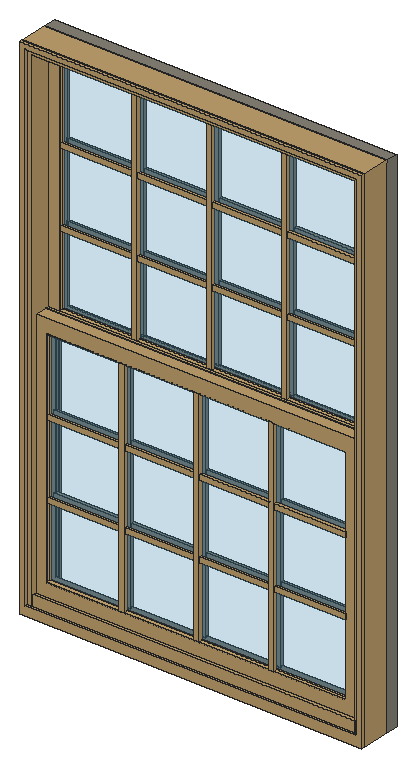
Revit family
Parameters (values of type "CUDHM")
  Window Type = "Clad Ultimate Double Hung Magnum"
  Vent Area = VO Width * VO Height  # 7.57118 SF
  VO Width = Rough Width - 0' 4 1/2"  # 3' - 8 1/2"
  VO Height = if(and(Rough Height > 4' 0 7/8", Rough Height < 5' 4 15/16"), 1' 4 1/2", if(and(Rough Height > 5' 4 7/8", Rough Height < 7' 0 15/16"), 2' 0 1/2", if(and(Rough Height > 7' 0 7/8", Rough Height < 8' 10 15/16"), 2' 10 1/2", if(and(Rough Height > 8' 10 7/8", Rough Height < 10' 8 15/16"), 3' 9 1/2", 0' 0"))))  # 2' - 0 1/2"
  URL = "www.marvin.com"
  Rough Width = Width + 0' 1"  # 4' - 1"
  Rough Height = Height + 0' 0 1/2"  # 6' - 0 1/2"
  Prairie Corner Width = 0' - 4"
  Prairie Corner Height = 0' - 4"
  Nominal Width = 4' - 0"
  Nominal Height = 6' - 0"
  Muntins Interior Top Sash = yes
  Muntins Interior Material = Wood-Marvin-Pine
  Muntins Interior Bottom Sash = yes
  Muntins Exterior Top Sash = yes
  Muntins Exterior Material = Aluminum-Marvin-Bronze
  Muntins Exterior Bottom Sash = yes
  Model = "CUDHM"
  Manufacturer = "Marvin Windows and Doors"
  Lites Wide Top Sash = 4
  Lites Wide Bottom Sash = 4
  Lites High Top Sash = 3
  Lites High Bottom Sash = 3
  Lite Cut Prairie 9 = no
  Lite Cut HV Grid = not(Lite Cut Prairie 9)  # yes
  Label Visibility = no
  Label Egress = if(and(and(VO Width > 1' 8", VO Height > 2' 0"), Vent Area > 5.70 SF), "EGRESS WDW", "")  # "EGRESS WDW"
  Jamb Extension Visibility = yes
  Interior Material = Wood-Marvin-Pine
  Inset to Installation Flange [instance] = 0' - 1"
  Height = Nominal Height  # 6' - 0"
  Glazing Material = Glass-Marvin-IG Low E II with Argon
  Glass Type = "IG Low E II with Argon"
  Frame = "Aluminum Clad"
  Family created by = "www.rbuiltcomponents.com"
  Egress Window = if(and(and(VO Width > 1' 8", VO Height > 2' 0"), Vent Area > 5.70 SF), "Yes", "No")  # "Yes"
  Design Pressure = if(or(Width > 5' 0 3/8", Height > 10' 0 3/8"), "", if(or(Width > 4' 6 3/8", Height > 8' 8 7/8"), "DP35", "DP50"))  # "DP50"
  Description = "DBHG MGNM"
  Default Head Height = 8' - 0"
  Wall Closure = (empty or 0)
  Width = Nominal Width  # 4' - 0"
  Daylight Area = DLO Width * DLO Height * 2  # 17.7507 SF
  DLO Width = Width - 0' 6 7/16"  # 3' - 5 9/16"
  DLO Height = (Height - 0' 10 1/2") / 2  # 2' - 6 3/4"
  Cladding Material = Aluminum-Marvin-Bronze
  Assembly Code = ""
Reference planes (in)
  plane 1 "Center (Front/Back)": y = 0
  plane 2: z = 0
  plane 3 "Center (Left/Right)": x = 0
  plane 4 "Left": x = -24
  plane 5 "Right": x = 24
  plane 6 "Sill": z = 24
  plane 7 "Top": z = 96
  plane 8 "Inset": y = 2
  plane 9 "Glazing 1": y = 1.4375
  plane 10 "Glazing 2": y = -0.8125
  plane 11 "Jamb Ext Face": y = -2.5625
  plane 12: z = 92.78125
  plane 13: x = 20.78125
  plane 14: x = -20.78125
  plane 15: z = 28.84375
  plane 16: z = 60.8125
  plane 17: z = 62.01563
  plane 18: z = 59.60938
  plane 19: y = -2.59375
Forms (in)
  Sweep 1, solid, material "Aluminum-Marvin-Bronze" <- "Cladding Material"
    path origin (0, -0.8125, 0) x (1, 0, 0) y (0, 0, 1)
      loop
        line (23.28971, 24) -> (-23.28971, 24)
    profile "Clad Sill : Clad Sill" origin (0, -0.8125, 24) x (0, 0, -1) y (0, -1, 0)
      loop
        line (0, -3.90625) -> (0, 0) -> (-1.30073, 0) -> (-0.74956, -3.90625) -> (0, -3.90625)
  Sweep 2, solid, material "Aluminum-Marvin-Bronze" <- "Cladding Material"
    path origin (0, 1.4375, 0) x (1, 0, 0) y (0, 0, 1)
      loop
        line (-24, 24) -> (-24, 96) -> (24, 96) -> (24, 24)
    profile "Clad Frame : Clad Frame" origin (-24, 1.4375, 60) x (-1, 0, 0) y (0, -1, 0)
      loop
        line (0, 0) -> (-1.375, 0) -> (-1.375, -0.46355) -> (-1.64308, -0.46355) -> (-1.64308, -0.75195) -> (-0.78115, -0.75195) -> (-0.78115, -1.14817) -> (-0.71029, -1.65625) -> (0, -1.65625) -> (0, 0)
  Sweep 3, solid, material "Wood-Marvin-Pine" <- "Interior Material"
    path origin (0, -0.8125, 0) x (1, 0, 0) y (0, 0, 1)
      loop
        line (22.625, 24) -> (-22.625, 24)
    profile "Sill interior magnum : Sill interior magnum" origin (0, -0.8125, 24) x (0, 0, -1) y (0, -1, 0)
      loop
        line (-1.30073, 0) -> (0, 0) -> (0, 1.75) -> (-2.82422, 1.75) -> (-2.82422, 1.2962) -> (-1.48362, 1.2962) -> (-1.30073, 0)
  Sweep 4, solid, material "Aluminum-Marvin-Bronze" <- "Cladding Material"
    path origin (0, 1.4375, 0) x (1, 0, 0) y (0, 0, 1)
      loop
        line (-20.78125, 92.78125) -> (-20.78125, 62.01563) -> (20.78125, 62.01563) -> (20.78125, 92.78125) -> (-20.78125, 92.78125)
    profile "Clad Sash : Clad Sash" origin (-20.78125, 1.4375, 77.39844) x (1, 0, 0) y (0, -1, 0)
      loop
        line (-1.79056, -0.349) -> (-0.23087, -0.349) -> (-0.23087, -0.23462) -> (0, -0.0417) -> (0, 0) -> (-1.79056, 0) -> (-1.79056, -0.349)
  Sweep 5, solid, material "Wood-Marvin-Pine" <- "Interior Material"
    path origin (0, 1.4375, 0) x (1, 0, 0) y (0, 0, 1)
      loop
        line (-20.78125, 62.01563) -> (20.78125, 62.01563) -> (20.78125, 92.78125) -> (-20.78125, 92.78125) -> (-20.78125, 62.01563)
    profile "Sash 2 : Sash 2" origin (-20.78125, 1.4375, 77.39844) x (-1, 0, 0) y (0, -1, 0)
      loop
        line (1.79056, 0) -> (1.79056, 1.20795) -> (0.219, 1.20795) -> (0.219, 1.14102) -> (0, 0.92202) -> (0, 0.74381) -> (0.688, 0.74381) -> (0.688, 0) -> (1.79056, 0)
  Sweep 6, solid, material "Wood-Marvin-Pine" <- "Interior Material"
    path origin (0, -0.8125, 0) x (1, 0, 0) y (0, 0, 1)
      loop
        line (-20.78125, 28.84375) -> (20.78125, 28.84375) -> (20.78125, 59.60938) -> (-20.78125, 59.60938) -> (-20.78125, 28.84375)
    profile "Sash 2 : Sash 2" origin (-20.78125, -0.8125, 44.22656) x (-1, 0, 0) y (0, -1, 0)
      loop
        line (1.79056, 0) -> (1.79056, 1.20795) -> (0.219, 1.20795) -> (0.219, 1.14102) -> (0, 0.92202) -> (0, 0.74381) -> (0.688, 0.74381) -> (0.688, 0) -> (1.79056, 0)
  Sweep 7, solid, material "Aluminum-Marvin-Bronze" <- "Cladding Material"
    path origin (0, -0.8125, 0) x (1, 0, 0) y (0, 0, 1)
      loop
        line (-20.78125, 28.84375) -> (20.78125, 28.84375) -> (20.78125, 59.60938) -> (-20.78125, 59.60938) -> (-20.78125, 28.84375)
    profile "Clad Sash : Clad Sash" origin (-20.78125, -0.8125, 44.22656) x (-1, 0, 0) y (0, -1, 0)
      loop
        line (1.79056, -0.349) -> (1.79056, 0) -> (0, 0) -> (0, -0.0417) -> (0.23087, -0.23462) -> (0.23087, -0.349) -> (1.79056, -0.349)
  Sweep 8, solid, material "Aluminum-Marvin-Bronze" <- "Cladding Material"
    path in 3D
      loop
        line (22.57181, -0.4635, 27.05319) -> (-22.57181, -0.4635, 27.05319)
    profile "Clad Sash bottom ext : Clad Sash bottom ext" origin (0, -0.4635, 27.05319) x (0, 1, 0) y (0, 0, -1)
      loop
        line (-0.349, 0) -> (0, 0) -> (0, 1.72904) -> (-0.349, 1.67631) -> (-0.349, 0)
  Sweep 9, solid, material "Wood-Marvin-Pine" <- "Interior Material"
    path in 3D
      loop
        line (22.57181, -0.8125, 27.05319) -> (-22.57181, -0.8125, 27.05319)
    profile "Sash bottom ext : Sash bottom ext" origin (0, -0.8125, 27.05319) x (0, 1, 0) y (0, 0, -1)
      loop
        line (0, 0) -> (0, 1.67578) -> (-1.20795, 1.49326) -> (-1.20795, 0) -> (0, 0)
  Sweep 10, solid, material "Aluminum-Marvin-Bronze" <- "Cladding Material"
    path in 3D
      loop
        line (-22.57181, 1.7865, 60.22507) -> (22.57181, 1.7865, 60.22507)
    profile "Clad Checkrail : Clad Checkrail" origin (0, 1.7865, 60.22507) x (0, -1, 0) y (0, 0, -1)
      loop
        line (1.55695, 0) -> (1.55695, -1.17487) -> (2.25, -1.17487) -> (2.25, -0.58743) -> (1.92798, -0.58743) -> (1.92798, 0.38482) -> (0, 0.38482) -> (0, 0) -> (1.55695, 0)
  Sweep 11, solid, material "Wood-Marvin-Pine" <- "Interior Material"
    path in 3D
      loop
        line (-22.57181, -2.02045, 61.39993) -> (22.57181, -2.02045, 61.39993)
    profile "Checkrail Inner : Checkrail Inner" origin (0, -2.02045, 61.39993) x (0, 1, 0) y (0, 0, 1)
      loop
        line (0, 0.39669) -> (0, 0) -> (2.25, 0) -> (2.25, 0.39669) -> (1.79626, 0.39669) -> (1.79626, 0.02169) -> (1.73366, 0.02169) -> (1.73366, 0.39669) -> (0, 0.39669)
  Extrusion 12, solid, material "Wood-Marvin-Pine" <- "Interior Material"
    sketch origin (0, 1.4375, 0) x (1, 0, 0) y (0, 0, 1)
      loop
        line (24, 24) -> (24, 96) -> (-24, 96) -> (-24, 24) -> (-22.625, 24) -> (-22.625, 94.625) -> (22.625, 94.625) -> (22.625, 24) -> (24, 24)
    from 0 to 4
  Extrusion 13, solid, material "Glass-Marvin-IG Low E II with Argon" <- "Glazing Material"
    sketch origin (0, 1.4375, 0) x (1, 0, 0) y (0, 0, 1)
      loop
        line (21.28125, 93.28125) -> (-21.28125, 93.28125) -> (-21.28125, 61.51563) -> (21.28125, 61.51563) -> (21.28125, 93.28125)
    from 0 to 0.15625
  Extrusion 14, solid, material "Glass-Marvin-IG Low E II with Argon" <- "Glazing Material"
    sketch origin (0, 1.4375, 0) x (1, 0, 0) y (0, 0, 1)
      loop
        line (21.28125, 93.28125) -> (-21.28125, 93.28125) -> (-21.28125, 61.51563) -> (21.28125, 61.51563) -> (21.28125, 93.28125)
    from 0.59375 to 0.71875
  Extrusion 15, solid, material "Glass-Marvin-IG Low E II with Argon" <- "Glazing Material"
    sketch origin (0, -0.8125, 0) x (1, 0, 0) y (0, 0, 1)
      loop
        line (21.28125, 60.10938) -> (-21.28125, 60.10938) -> (-21.28125, 28.34375) -> (21.28125, 28.34375) -> (21.28125, 60.10938)
    from 0 to 0.15625
  Extrusion 16, solid, material "Glass-Marvin-IG Low E II with Argon" <- "Glazing Material"
    sketch origin (0, -0.8125, 0) x (1, 0, 0) y (0, 0, 1)
      loop
        line (21.28125, 60.10938) -> (-21.28125, 60.10938) -> (-21.28125, 28.34375) -> (21.28125, 28.34375) -> (21.28125, 60.10938)
    from 0.59375 to 0.71875
  Extrusion 17, solid, material "Wood-Marvin-Pine" <- "Interior Material", visible <- "Jamb Extension Visibility", detail levels medium+fine
    sketch origin (0, -2.3125, 0) x (1, 0, 0) y (0, 0, 1)
      loop
        line (-24, 96) -> (-24, 24) -> (24, 24) -> (24, 96) -> (-24, 96)
      loop
        line (-23.3125, 95.3125) -> (-23.3125, 25.3125) -> (23.3125, 25.3125) -> (23.3125, 95.3125) -> (-23.3125, 95.3125)
    from 0.28125 to 0.6875
  Extrusion 18, solid, material "Aluminum-Marvin-Bronze" <- "Cladding Material"
    sketch origin (0, 1.4375, 0) x (1, 0, 0) y (0, 0, 1)
      loop
        line (22.625, 60.22507) -> (22.57181, 60.22507) -> (22.57181, 24.74956) -> (22.625, 24.74956) -> (22.625, 60.22507)
      loop
        line (-22.625, 60.22507) -> (-22.625, 24.74956) -> (-22.57181, 24.74956) -> (-22.57181, 60.22507) -> (-22.625, 60.22507)
    from 0 to 2.25
Cuts and joins
  joined: Sweep 7, Sweep 8
  joined: Sweep 5, Sweep 6, Sweep 9, Sweep 11
  joined: Sweep 4, Sweep 10
  joined: Sweep 1, Sweep 2, Extrusion 18
Lines and regions (in)
  Opening 1
    outline origin (-60, -3, 0) x (1, 0, 0) y (0, 0, 1)
      loop
        line (36, 96) -> (36, 24) -> (84, 24) -> (84, 96) -> (36, 96)
  Masking region 1
    outline origin (0, 0, 24) x (0, -1, 0) y (1, 0, 0)
      loop
        line (-3.09375, -24) -> (2.5625, -24) -> (2.5625, 24) -> (-3.09375, 24) -> (-3.09375, -24)
  Masking region 2
    outline origin (0, 0, 0) x (0, 1, 0) y (0, 0, 1)
      loop
        line (3.09375, 96) -> (-2.5625, 96) -> (-2.5625, 24) -> (3.09375, 24) -> (3.09375, 96)
  Masking region 3, visible <- "Jamb Extension Visibility"
    outline origin (0, 0, 0) x (0, 1, 0) y (0, 0, 1)
      loop
        line (-2.59375, 96) -> (-3, 96) -> (-3, 24) -> (-2.59375, 24) -> (-2.59375, 96)
  Masking region 4, visible <- "Jamb Extension Visibility"
    outline origin (0, 0, 24) x (0, -1, 0) y (1, 0, 0)
      loop
        line (2.59375, -24) -> (3, -24) -> (3, 24) -> (2.59375, 24) -> (2.59375, -24)
  sketch lines
    curve 1: line (22.57181, -0.4635, 27.05319) -> (-22.57181, -0.4635, 27.05319)
    curve 2: line (22.57181, -0.8125, 27.05319) -> (-22.57181, -0.8125, 27.05319)
    curve 3: line (-22.57181, 1.7865, 60.22507) -> (22.57181, 1.7865, 60.22507)
    curve 4: line (-22.57181, -2.02045, 61.39993) -> (22.57181, -2.02045, 61.39993)
  symbolic lines, style "Jamb Extension", visible <- "Jamb Extension Visibility", detail levels fine
    curve 5: line (-23.3125, -2.59375, 24) -> (-23.3125, -3, 24)
    curve 6: line (23.3125, -3, 24) -> (23.3125, -2.59375, 24)
    curve 7: line (0, -2.59375, 95.3125) -> (0, -3, 95.3125)
    curve 8: line (0, -2.59375, 25.316) -> (0, -3, 25.316)
    curve 56: line (-23.3125, -3, 0) -> (-24, -3, 0)
    curve 57: line (23.3125, -3, 0) -> (24, -3, 0)
    curve 62: line (0, -3, 25.316) -> (0, -3, 24)
    curve 63: line (0, -3, 95.3125) -> (0, -3, 96)
  symbolic lines, style "Jamb Extension", detail levels fine
    curve 9: line (0, -2.59375, 95.34385) -> (0, -2.59375, 96)
  symbolic lines, style "WindowsFrameMullionProjection", detail levels coarse+medium
    curve 10: line (-24, 3.09375, 24) -> (-22.625, 3.09375, 24)
    curve 11: line (-22.625, 3.09375, 24) -> (-22.625, -2.5625, 24)
    curve 12: line (-22.625, -2.5625, 24) -> (-24, -2.5625, 24)
    curve 13: line (24, 3.09375, 24) -> (22.625, 3.09375, 24)
    curve 14: line (22.625, 3.09375, 24) -> (22.625, -2.5625, 24)
    curve 15: line (22.625, -2.5625, 24) -> (24, -2.5625, 24)
    curve 16: line (-20.78125, -0.4635, 24) -> (20.78625, -0.4635, 24)
    curve 17: line (20.78625, -0.4635, 24) -> (22.625, -0.4635, 24)
    curve 18: line (-20.78125, -2.02045, 24) -> (20.78625, -2.02045, 24)
    curve 19: line (20.78625, -0.4635, 24) -> (20.78625, -2.02045, 24)
    curve 20: line (20.78625, -2.02045, 24) -> (22.625, -2.02045, 24)
    curve 21: line (-20.78125, -0.4635, 24) -> (-22.625, -0.4635, 24)
    curve 22: line (-20.78125, -0.4635, 24) -> (-20.78125, -2.02045, 24)
    curve 23: line (-20.78125, -2.02045, 24) -> (-22.625, -2.02045, 24)
    curve 25: line (0, 3.09375, 96) -> (0, 3.09375, 94.625)
    curve 26: line (0, 3.09375, 94.625) -> (0, -2.5625, 94.625)
    curve 27: line (0, -2.5625, 94.625) -> (0, -2.5625, 96)
    curve 28: line (0, 3.09375, 24) -> (0, 3.09375, 24.74956)
    curve 29: line (0, 3.09375, 24.74956) -> (0, -2.1203, 25.48526)
    curve 30: line (0, -2.5625, 25.48526) -> (0, -2.5625, 24)
    curve 31: line (0, -2.1203, 25.48526) -> (0, -2.5625, 25.48526)
    curve 32: line (0, -0.4635, 28.84375) -> (0, -0.4635, 59.60938)
    curve 33: line (0, -2.02045, 28.84375) -> (0, -2.02045, 59.60938)
    curve 34: line (0, -0.4635, 25.25148) -> (0, -0.4635, 28.84375)
    curve 35: line (0, -0.4635, 28.84375) -> (0, -2.02045, 28.84375)
    curve 36: line (0, -2.02045, 28.84375) -> (0, -2.02045, 25.47117)
    curve 37: line (0, -0.4635, 59.60938) -> (0, -0.4635, 59.84025)
    curve 38: line (0, -0.22418, 61.79663) -> (0, -2.02045, 61.79663)
    curve 39: line (0, -2.02045, 61.79663) -> (0, -2.02045, 59.60938)
    curve 40: line (0, -0.4635, 59.60938) -> (0, -2.02045, 59.60938)
    curve 42: line (0, 1.7865, 62.01563) -> (0, 1.7865, 92.78125)
    curve 43: line (0, 0.22955, 92.78125) -> (0, 0.22955, 62.01563)
    curve 44: line (0, 1.7865, 94.625) -> (0, 1.7865, 92.78125)
    curve 45: line (0, 0.22955, 92.78125) -> (0, 0.22955, 94.625)
    curve 46: line (0, 0.22955, 92.78125) -> (0, 1.7865, 92.78125)
    curve 47: line (0, 1.7865, 62.01563) -> (0, 0.22955, 62.01563)
    curve 48: line (0, 0.22955, 62.01563) -> (0, 0.22955, 61.79663)
    curve 49: line (0, -0.14148, 59.84025) -> (0, 1.7865, 59.84025)
    curve 50: line (0, 1.7865, 59.84025) -> (0, 1.7865, 62.01563)
    curve 52: line (0, -0.14148, 59.84025) -> (0, -0.14148, 61.79663)
    curve 53: line (0, -0.14148, 61.79663) -> (0, 0.22955, 61.79663)
    curve 54: line (0, -0.22418, 59.84025) -> (0, -0.22418, 61.79663)
    curve 55: line (0, -0.22418, 59.84025) -> (0, -0.4635, 59.84025)
    curve 58: line (-24, -3, 0) -> (-23.3125, -3, 0)
    curve 59: line (-23.3125, -3, 0) -> (-23.3125, -2.59375, 0)
  symbolic lines, style "WindowsGlassProjection", detail levels coarse+medium
    curve 24: line (-20.78125, -1.24197, 0) -> (20.78625, -1.24197, 0)
    curve 41: line (0, -1.24197, 59.60938) -> (0, -1.24197, 28.84375)
    curve 51: line (0, 1.00803, 62.01563) -> (0, 1.00803, 92.78125)
  symbolic lines, style "WindowsFrameMullionProjection", visible <- "Jamb Extension Visibility", detail levels coarse+medium
    curve 60: line (24, -3, 0) -> (23.3125, -3, 0)
    curve 61: line (23.3125, -3, 0) -> (23.3125, -2.59375, 0)
    curve 64: line (0, -2.59375, 25.3125) -> (0, -3, 25.3125)
    curve 65: line (0, -3, 25.3125) -> (0, -3, 24)
    curve 66: line (0, -2.59375, 95.3125) -> (0, -3, 95.3125)
    curve 67: line (0, -3, 95.3125) -> (0, -3, 96)
Text (in)
  text "EXTERIOR" at (-58.6888, 50.90694, 0), in view "Ref. Level"
  text "INTERIOR" at (-58.6888, -37.76638, 0), in view "Ref. Level"
  text "Exterior" at (0, 43.65631, 123.19604), in view "Left"
  text "Exterior" at (0, 18.29385, 125.04747), in view "Right"
Dimensions and locks (in)
  equal spacing: plane 4 "Left", plane 3 "Center (Left/Right)", plane 5 "Right"
  "Width": plane 4 "Left" to plane 5 "Right"
  "Height": plane 6 "Sill" to plane 7 "Top"
  "Default Head Height": level to plane 7 "Top"
  "Inset to Installation Flange": host wall to plane 8 "Inset"
  locked: plane 9 "Glazing 1" to plane 8 "Inset" at 0.5625
  locked: plane 10 "Glazing 2" to plane 8 "Inset" at 2.8125
  locked: plane 11 "Jamb Ext Face" to plane 8 "Inset" at 4.5625
  locked: plane 12 to plane 7 "Top" at 3.21875
  locked: plane 6 "Sill" to plane 15 at 4.84375
  locked: plane 4 "Left" to plane 14 at 3.21875
  locked: plane 13 to plane 5 "Right" at 3.21875
  equal spacing: plane 15, plane 16, plane 12
  plane 18 to plane 16 to plane 17 = 0' - 1 13/64" locked, 0' - 1 13/64" locked
  locked: plane 13 to Extrusion 13 sketch curve at 0.5
  locked: Extrusion 13 sketch curve to plane 14 at 0.5
  locked: plane 12 to Extrusion 13 sketch curve at 0.5
  locked: Extrusion 13 sketch curve to plane 17 at 0.5
  locked: plane 13 to Extrusion 15 sketch curve at 0.5
  locked: plane 18 to Extrusion 15 sketch curve at 0.5
  locked: Extrusion 15 sketch curve to plane 15 at 0.5
  locked: Extrusion 15 sketch curve to plane 14 at 0.5
  Sweep 1 sketch curve to plane 5 "Right" = 0' - 0.71029"
  plane 4 "Left" to Sweep 1 sketch curve = 0' - 0.71029"
  locked: plane 4 "Left" to Extrusion 17 sketch curve at 0.6875
  locked: plane 7 "Top" to Extrusion 17 sketch curve at 0.6875
  locked: Extrusion 17 sketch curve to plane 6 "Sill" at 1.3125
  locked: Extrusion 17 sketch curve to plane 5 "Right" at 0.6875
  locked: Extrusion 12 sketch curve to plane 5 "Right" at 1.375
  locked: Extrusion 12 sketch curve to plane 4 "Left" at 1.375
  locked: Extrusion 12 sketch curve to plane 7 "Top" at 1.375
  locked: Extrusion 18 sketch curve to Extrusion 18 sketch curve at 0.05319  (x2)
  locked: plane 6 "Sill" to Extrusion 18 sketch curve at 0.74956  (x2)
  locked: nested 7 to host wall at 12
  locked: Extrusion 16 sketch curve to plane 18 at 0.5
  locked: plane 15 to Extrusion 16 sketch curve at 0.5
  locked: Extrusion 16 sketch curve to plane 14 at 0.5
  locked: plane 13 to Extrusion 16 sketch curve at 0.5
  locked: Extrusion 14 sketch curve to plane 12 at 0.5
  locked: plane 17 to Extrusion 14 sketch curve at 0.5
  locked: Extrusion 14 sketch curve to plane 14 at 0.5
  locked: plane 13 to Extrusion 14 sketch curve at 0.5
  locked: Extrusion 15 to Extrusion 15 at 0.15625
  locked: plane 10 "Glazing 2" to Extrusion 16 at 0.59375
  locked: plane 10 "Glazing 2" to Extrusion 16 at 0.71875
  locked: Extrusion 16 to Extrusion 16 at 0.125
  locked: Extrusion 13 to Extrusion 13 at 0.15625
  locked: plane 9 "Glazing 1" to Extrusion 14 at 0.71875
  locked: plane 9 "Glazing 1" to Extrusion 14 at 0.59375
  locked: Extrusion 14 to Extrusion 14 at 0.125
  locked: plane 19 to plane 11 "Jamb Ext Face" at 0.03125
  aligned and locked: plane 7 "Top" to Opening 1 sketch curve
  aligned and locked: plane 6 "Sill" to Opening 1 sketch curve  (x2)
  aligned and locked: plane 5 "Right" to Opening 1 sketch curve
  aligned and locked: plane 4 "Left" to Opening 1 sketch curve
  aligned and locked: nested 1 to plane 3 "Center (Left/Right)"
  aligned and locked: plane 8 "Inset" to nested 1
  aligned and locked: plane 6 "Sill" to Sweep 1 sketch curve
  aligned and locked: plane 4 "Left" to Sweep 2 sketch curve
  aligned and locked: Sweep 2 sketch curve to plane 7 "Top"
  aligned and locked: Sweep 2 sketch curve to plane 5 "Right"
  aligned and locked: plane 6 "Sill" to Sweep 2 sketch curve  (x2)
  aligned and locked: plane 6 "Sill" to Sweep 3 sketch curve
  aligned and locked: Sweep 4 sketch curve to plane 14
  aligned and locked: plane 12 to Sweep 4 sketch curve
  aligned and locked: plane 13 to Sweep 4 sketch curve
  aligned and locked: plane 17 to Sweep 4 sketch curve
  aligned and locked: plane 14 to Sweep 5 sketch curve
  aligned and locked: Sweep 5 sketch curve to plane 12
  aligned and locked: Sweep 5 sketch curve to plane 13
  aligned and locked: Sweep 5 sketch curve to plane 17
  aligned and locked: plane 14 to Sweep 6 sketch curve
  aligned and locked: plane 18 to Sweep 6 sketch curve
  aligned and locked: Sweep 6 sketch curve to plane 13
  aligned and locked: plane 15 to Sweep 6 sketch curve
  aligned and locked: plane 14 to Sweep 7 sketch curve
  aligned and locked: plane 18 to Sweep 7 sketch curve
  aligned and locked: Sweep 7 sketch curve to plane 13
  aligned and locked: plane 15 to Sweep 7 sketch curve
  aligned and locked: plane 5 "Right" to Extrusion 12 sketch curve
  aligned and locked: Extrusion 12 sketch curve to plane 4 "Left"
  aligned and locked: plane 7 "Top" to Extrusion 12 sketch curve
  aligned and locked: plane 11 "Jamb Ext Face" to Extrusion 12
  aligned and locked: Extrusion 17 sketch curve to plane 4 "Left"
  aligned and locked: plane 7 "Top" to Extrusion 17 sketch curve
  aligned and locked: plane 5 "Right" to Extrusion 17 sketch curve
  aligned and locked: Extrusion 17 sketch curve to plane 6 "Sill"
  aligned and locked: host wall to Extrusion 17
  aligned and locked: nested 2 to plane 12
  aligned and locked: plane 3 "Center (Left/Right)" to nested 2
  aligned and locked: nested 2 to cut or joined group of Sweep 4, Sweep 10
  aligned and locked: cut or joined group of Sweep 4, Sweep 10 to nested 3
  aligned and locked: nested 3 to plane 12
  aligned and locked: nested 3 to plane 3 "Center (Left/Right)"
  aligned and locked: plane 3 "Center (Left/Right)" to nested 4
  aligned and locked: cut or joined group of Sweep 4, Sweep 10 to nested 4
  aligned and locked: plane 3 "Center (Left/Right)" to nested 5
  aligned and locked: nested 5 to cut or joined group of Sweep 5, Sweep 6, Sweep 9, Sweep 11
  aligned and locked: Masking region 1 sketch curve to plane 4 "Left"
  aligned and locked: plane 5 "Right" to Masking region 1 sketch curve
  aligned and locked: plane 7 "Top" to Masking region 2 sketch curve
  aligned and locked: Masking region 2 sketch curve to plane 6 "Sill"
  aligned and locked: Extrusion 17 to curve 9
  aligned and locked: nested 6 to plane 8 "Inset"
  aligned and locked: plane 6 "Sill" to nested 6
  aligned and locked: cut or joined group of Sweep 4, Sweep 10 to curve 16
  aligned and locked: cut or joined group of Sweep 5, Sweep 6, Sweep 9, Sweep 11 to curve 18
  aligned and locked: curve 22 to curve 24
  aligned and locked: curve 19 to curve 24
  aligned and locked: cut or joined group of Sweep 7, Sweep 8 to curve 32
  aligned and locked: curve 33 to cut or joined group of Sweep 5, Sweep 6, Sweep 9, Sweep 11
  aligned and locked: cut or joined group of Sweep 4, Sweep 10 to curve 42
  aligned and locked: cut or joined group of Sweep 5, Sweep 6, Sweep 9, Sweep 11 to curve 43
  aligned and locked: curve 54 to cut or joined group of Sweep 5, Sweep 6, Sweep 9, Sweep 11
  aligned and locked: curve 49 to curve 55
  aligned and locked: Extrusion 18 sketch curve to cut or joined group of Sweep 4, Sweep 10  (x2)
  aligned and locked: plane 10 "Glazing 2" to Extrusion 18
  aligned and locked: Extrusion 12 sketch curve to plane 6 "Sill"  (x2)
  aligned and locked: Sweep 3 sketch curve to Extrusion 12
  aligned and locked: Extrusion 12 to Sweep 3 sketch curve
  aligned and locked: Masking region 2 sketch curve to cut or joined group of Sweep 1, Sweep 2, Extrusion 18
  aligned and locked: Extrusion 12 to plane 9 "Glazing 1"
  aligned and locked: Extrusion 12 to Extrusion 18 sketch curve
  aligned and locked: Extrusion 18 sketch curve to Extrusion 12
  aligned and locked: cut or joined group of Sweep 1, Sweep 2, Extrusion 18 to plane 9 "Glazing 1"
  aligned and locked: curve 11 to Extrusion 12
  aligned and locked: curve 14 to Extrusion 12
  aligned and locked: curve 13 to cut or joined group of Sweep 1, Sweep 2, Extrusion 18
  aligned and locked: plane 11 "Jamb Ext Face" to curve 15
  aligned and locked: plane 14 to curve 22
  aligned and locked: Extrusion 12 to curve 17
  aligned and locked: host wall to curve 5
  aligned and locked: host wall to curve 6
  aligned and locked: curve 12 to plane 11 "Jamb Ext Face"
  aligned and locked: plane 4 "Left" to curve 58
  aligned and locked: host wall to curve 58
  aligned and locked: plane 5 "Right" to curve 60
  aligned and locked: curve 60 to host wall
  aligned and locked: curve 10 to cut or joined group of Sweep 1, Sweep 2, Extrusion 18
  aligned and locked: Masking region 1 sketch curve to cut or joined group of Sweep 1, Sweep 2, Extrusion 18
  aligned and locked: host wall to curve 8
  aligned and locked: plane 6 "Sill" to curve 62
  aligned and locked: plane 6 "Sill" to curve 65
  aligned and locked: curve 65 to host wall
  aligned and locked: plane 7 "Top" to curve 63
  aligned and locked: host wall to curve 63
  aligned and locked: plane 7 "Top" to curve 67
  aligned and locked: plane 7 "Top" to curve 27
  aligned and locked: plane 11 "Jamb Ext Face" to curve 27
  aligned and locked: curve 25 to cut or joined group of Sweep 1, Sweep 2, Extrusion 18
  aligned and locked: curve 28 to cut or joined group of Sweep 1, Sweep 2, Extrusion 18
  aligned and locked: plane 3 "Center (Left/Right)" to nested 7
  aligned and locked: Extrusion 15 to plane 10 "Glazing 2"
  aligned and locked: Extrusion 13 to plane 9 "Glazing 1"
  aligned and locked: plane 15 to nested 4
  aligned and locked: plane 15 to nested 5
  aligned and locked: Extrusion 17 to curve 5
  aligned and locked: Extrusion 17 to curve 59
  aligned and locked: Extrusion 17 to curve 61
  aligned and locked: Extrusion 17 to curve 6
  aligned and locked: Extrusion 17 to curve 66
  aligned and locked: curve 30 to plane 11 "Jamb Ext Face"
  aligned and locked: Extrusion 17 to curve 64
  aligned and locked: Extrusion 17 to curve 8
  aligned and locked: Extrusion 17 to plane 19
  aligned and locked: Masking region 2 sketch curve to plane 11 "Jamb Ext Face"
  aligned and locked: plane 7 "Top" to Masking region 3 sketch curve
  aligned and locked: Masking region 3 sketch curve to plane 6 "Sill"
  aligned and locked: plane 19 to Masking region 3 sketch curve
  aligned and locked: Masking region 3 sketch curve to host wall
  aligned and locked: Masking region 1 sketch curve to plane 11 "Jamb Ext Face"
  aligned and locked: Masking region 4 sketch curve to plane 4 "Left"
  aligned and locked: plane 5 "Right" to Masking region 4 sketch curve
  aligned and locked: plane 19 to Masking region 4 sketch curve
  aligned and locked: Masking region 4 sketch curve to host wall
Automatic sketch dimensions
  curve 10 to plane 4 "Left" = 0' - 0"
  curve 12 to plane 4 "Left" = 0' - 0"
  curve 13 to plane 5 "Right" = 0' - 0"
  curve 15 to plane 5 "Right" = 0' - 0"
  curve 5 to plane 4 "Left" = 0' - 0 11/16"
  curve 16 to plane 13 = 0' - 0.005"
  plane 5 "Right" to curve 6 = 0' - 0 11/16"
  curve 56 to plane 4 "Left" = 0' - 0"
  curve 57 to plane 5 "Right" = 0' - 0"
  curve 56 to curve 56 = 0' - 0 11/16"
  plane 5 "Right" to curve 57 = 0' - 0 11/16"
  plane 10 "Glazing 2" to curve 24 = 0' - 0.42947"
  curve 41 to plane 18 = 0' - 0"
  curve 41 to plane 15 = 0' - 0"
  curve 51 to plane 17 = 0' - 0"
  curve 51 to plane 12 = 0' - 0"
  curve 28 to plane 6 "Sill" = 0' - 0"
  curve 30 to plane 6 "Sill" = 0' - 0"
  curve 25 to plane 7 "Top" = 0' - 0"
  curve 9 to plane 7 "Top" = 0' - 0"
  curve 31 to curve 36 = 0' - 0.09986"
  plane 10 "Glazing 2" to curve 41 = 0' - 0.42947"
  curve 38 to curve 53 = 0' - 0.08271"
  plane 9 "Glazing 1" to curve 51 = 0' - 0.42947"
  curve 28 to curve 29 = 0' - 0.74956"
  curve 34 to plane 6 "Sill" = 0' - 1.25148"
  curve 65 to curve 30 = 0' - 0.17276"
  curve 64 to curve 8 = 0' - 0.0035"
  plane 18 to curve 54 = 0' - 0.23087"
  curve 53 to plane 17 = 0' - 0.219"
  curve 54 to curve 52 = 0' - 0"
  plane 7 "Top" to curve 45 = 0' - 1 3/8"
  plane 7 "Top" to curve 66 = 0' - 0 11/16"
  curve 7 to curve 9 = 0' - 0.03135"
Nested families (in)
  nested 1: "Double_Hung_Magnum_Plan_Detail" at (0, 2, 24) x (-1, 0, 0) z (0, 0, -1), type "Double_Hung_Plan_Detail", detail levels fine
    with Width 4' - 0"
  nested 2: "Muntins" at (0, 1.7865, 26.03125), Muntin Material <- "Muntins Exterior Material", visible <- "Muntins Exterior Top Sash", type "Muntins"
    with Muntin Material Aluminum-Marvin-Bronze, GlazingWidth 3' - 5 9/16", GlazingHeight 2' - 6 3/4", Width 3' - 6", VerticalMuntins 3, LitesHorizontal 4, Height 2' - 7 3/16", Inset Vert 0' - 10 1/8", Inset Horiz 0' - 10.02083"
  nested 3: "Muntins" at (0, 0.22955, 26.03125) x (-1, 0, 0) z (0, 0, 1), Muntin Material <- "Muntins Interior Material", visible <- "Muntins Interior Top Sash", type "Muntins"
    with Muntin Material Wood-Marvin-Pine, GlazingWidth 3' - 5 9/16", GlazingHeight 2' - 6 3/4", Width 3' - 6", VerticalMuntins 3, LitesHorizontal 4, Height 2' - 7 3/16", Inset Vert 0' - 10 1/8", Inset Horiz 0' - 10.02083"
  nested 4: "Muntins" at (0, -0.4635, -7.15625), Muntin Material <- "Muntins Exterior Material", visible <- "Muntins Exterior Bottom Sash", type "Muntins 2"
    with Muntin Material Aluminum-Marvin-Bronze, GlazingWidth 3' - 5 9/16", GlazingHeight 2' - 6 3/4", Width 3' - 6", VerticalMuntins 3, LitesHorizontal 4, Height 2' - 7 3/16", Inset Vert 0' - 10 1/8", Inset Horiz 0' - 10.02083"
  nested 5: "Muntins" at (0, -2.02045, -7.15625) x (-1, 0, 0) z (0, 0, 1), Muntin Material <- "Muntins Interior Material", visible <- "Muntins Interior Bottom Sash", type "Muntins 2"
    with Muntin Material Wood-Marvin-Pine, GlazingWidth 3' - 5 9/16", GlazingHeight 2' - 6 3/4", Width 3' - 6", VerticalMuntins 3, LitesHorizontal 4, Height 2' - 7 3/16", Inset Vert 0' - 10 1/8", Inset Horiz 0' - 10.02083"
  nested 6: "Double_Hung_Magnum_Section_Detail" at (0, 2, 60) x (0, 1, 0) z (1, 0, 0), type "Double_Hung_Section_Detail", detail levels fine
    with Height 6' - 0"
  nested 7: "Label Annotation 1-16 w4" at (0, 15, 0), visible <- "Label Visibility", type "Label Annotation 1-16 w4"
    with Nominal Width 4' - 0", Nominal Height 6' - 0"
Definition of nested family "Muntins"
  Parameters (values of type "Muntins")
    PrairieMuntVisible = no
    Prairie Corner Width = 0' - 4"
    Prairie Corner Height = 0' - 4"
    Muntin Extension = 0' - 0 7/16"
    GridMuntVisible = yes
    GlazingWidth = 2' - 0"
    GlazingHeight = 2' - 11 1/8"
    Width = GlazingWidth + Muntin Extension  # 2' - 0 7/16"
    VerticalMuntins = if(LitesHorizontal < 3, 2, LitesHorizontal - 1)  # 2
    VertMuntVisible = and(GridMuntVisible, LitesHorizontal > 2)  # yes
    MuntinWidth = 0' - 0 3/4"
    MuntinDepth [instance] = 0' - 0 3/8"
    Muntin Material [instance] = none
    LitesVertical = 3
    LitesHorizontal = 3
    HorizontalMuntins = if(LitesVertical < 3, 2, LitesVertical - 1)  # 2
    HorizMuntVisible = and(GridMuntVisible, LitesVertical > 2)  # yes
    Height = GlazingHeight + Muntin Extension  # 2' - 11 9/16"
    Inset Vert = if(LitesHorizontal < 3, (Width / 3) - (MuntinWidth / 2), (Width / LitesHorizontal) - (MuntinWidth / 2))  # 0' - 7.77083"
    Inset Horiz = if(LitesVertical < 3, (Height / 3) - (MuntinWidth / 2), (Height / LitesVertical) - (MuntinWidth / 2))  # 0' - 11.47917"
    CenterMuntinVertical = and(GridMuntVisible, LitesHorizontal = 2)  # no
    CenterMuntinHorizontal = and(GridMuntVisible, LitesVertical = 2)  # no
    Assembly Code = ""
  Reference planes (in)
    plane 1 "Center (Front/Back)": y = 0
    plane 2: z = 0
    plane 3 "Center (Left/Right)": x = 0
    plane 4: z = 35.78125
    plane 5: z = 53.5625
    plane 6: z = 71.34375
    plane 7: z = 59.86458
    plane 8: z = 47.26042
    plane 9: z = 71.125
    plane 10: z = 36
    plane 11: x = -12
    plane 12: x = 12
    plane 13: x = -4.44792
    plane 14: x = -12.21875
    plane 15: x = 12.21875
    plane 16: x = 4.44792
    plane 17: z = 67.125
    plane 18: z = 40
    plane 19: x = -8
    plane 20: x = 8
  Forms (in)
    Extrusion 1, solid, material <- "Muntin Material", visible <- "CenterMuntinVertical", detail levels medium+fine
      sketch origin (9, 0, 0) x (1, 0, 0) y (0, 0, 1)
        loop
          line (-9.375, 71.34375) -> (-9.375, 35.78125) -> (-8.625, 35.78125) -> (-8.625, 71.34375) -> (-9.375, 71.34375)
      from 0 to 0.375 <- "MuntinDepth"
    Extrusion 2, solid, material <- "Muntin Material", visible <- "CenterMuntinHorizontal", detail levels medium+fine
      sketch origin (-0.0013, 0, 14.6875) x (1, 0, 0) y (0, 0, 1)
        loop
          line (-12.21745, 39.25) -> (-12.21745, 38.5) -> (12.22005, 38.5) -> (12.22005, 39.25) -> (-12.21745, 39.25)
      from 0 to 0.375 <- "MuntinDepth"
    Extrusion 3, solid, material <- "Muntin Material", visible <- "VertMuntVisible", detail levels medium+fine
      sketch origin (4.92708, 0, -2.90625) x (1, 0, 0) y (0, 0, 1)
        loop
          line (-9.375, 74.25) -> (-9.375, 38.6875) -> (-8.625, 38.6875) -> (-8.625, 74.25) -> (-9.375, 74.25)
      from 0 to 0.375 <- "MuntinDepth"
    Extrusion 4, solid, material <- "Muntin Material", visible <- "HorizMuntVisible", detail levels medium+fine
      sketch origin (-3.09635, 0, 14.17708) x (1, 0, 0) y (0, 0, 1)
        loop
          line (-9.1224, 45.6875) -> (-9.1224, 44.9375) -> (15.3151, 44.9375) -> (15.3151, 45.6875) -> (-9.1224, 45.6875)
      from 0 to 0.375 <- "MuntinDepth"
    Extrusion 5, solid, material <- "Muntin Material", visible <- "HorizMuntVisible", detail levels medium+fine
      sketch origin (-3.09635, 0, 2.32292) x (1, 0, 0) y (0, 0, 1)
        loop
          line (-9.1224, 45.6875) -> (-9.1224, 44.9375) -> (15.3151, 44.9375) -> (15.3151, 45.6875) -> (-9.1224, 45.6875)
      from 0 to 0.375 <- "MuntinDepth"
    Extrusion 6, solid, material <- "Muntin Material", visible <- "VertMuntVisible", detail levels medium+fine
      sketch origin (13.07292, 0, -2.90625) x (1, 0, 0) y (0, 0, 1)
        loop
          line (-9.375, 74.25) -> (-9.375, 38.6875) -> (-8.625, 38.6875) -> (-8.625, 74.25) -> (-9.375, 74.25)
      from 0 to 0.375 <- "MuntinDepth"
    Extrusion 7, solid, material <- "Muntin Material", visible <- "PrairieMuntVisible", detail levels medium+fine
      sketch origin (1, 0, 0) x (1, 0, 0) y (0, 0, 1)
        loop
          line (-9, 71.34375) -> (-9, 35.78125) -> (-8.25, 35.78125) -> (-8.25, 71.34375) -> (-9, 71.34375)
      from 0 to 0.375 <- "MuntinDepth"
    Extrusion 8, solid, material <- "Muntin Material", visible <- "PrairieMuntVisible", detail levels medium+fine
      sketch origin (17, 0, 0) x (1, 0, 0) y (0, 0, 1)
        loop
          line (-9.75, 71.34375) -> (-9.75, 35.78125) -> (-9, 35.78125) -> (-9, 71.34375) -> (-9.75, 71.34375)
      from 0 to 0.375 <- "MuntinDepth"
    Extrusion 9, solid, material <- "Muntin Material", visible <- "PrairieMuntVisible", detail levels medium+fine
      sketch origin (-0.0013, 0, 28.25) x (1, 0, 0) y (0, 0, 1)
        loop
          line (-12.21745, 38.875) -> (-12.21745, 38.125) -> (12.22005, 38.125) -> (12.22005, 38.875) -> (-12.21745, 38.875)
      from 0 to 0.375 <- "MuntinDepth"
    Extrusion 10, solid, material <- "Muntin Material", visible <- "PrairieMuntVisible", detail levels medium+fine
      sketch origin (-0.0013, 0, 1.125) x (1, 0, 0) y (0, 0, 1)
        loop
          line (-12.21745, 39.625) -> (-12.21745, 38.875) -> (12.22005, 38.875) -> (12.22005, 39.625) -> (-12.21745, 39.625)
      from 0 to 0.375 <- "MuntinDepth"
  Cuts and joins
    joined: Extrusion 7, Extrusion 8, Extrusion 9, Extrusion 10
  Lines and regions (in)
    model lines, style "Muntins", visible <- "CenterMuntinHorizontal", detail levels coarse
      curve 1: line (-12.21875, 0, 53.5625) -> (12.21875, 0, 53.5625)
    model lines, style "Muntins", visible <- "HorizMuntVisible", detail levels coarse
      curve 2: line (-12.21875, 0, 59.48958) -> (12.21875, 0, 59.48958)
      curve 3: line (-12.21875, 0, 47.63542) -> (12.21875, 0, 47.63542)
    model lines, style "Muntins", visible <- "CenterMuntinVertical", detail levels coarse
      curve 4: line (0, 0, 71.34375) -> (0, 0, 35.78125)
    model lines, style "Muntins", visible <- "VertMuntVisible", detail levels coarse
      curve 5: line (-4.07292, 0, 71.34375) -> (-4.07292, 0, 35.78125)
      curve 6: line (4.07292, 0, 71.34375) -> (4.07292, 0, 35.78125)
    model lines, style "Muntins", visible <- "PrairieMuntVisible", detail levels coarse
      curve 7: line (-12.21875, 0, 66.75) -> (12.21875, 0, 66.75)
      curve 8: line (-12.21875, 0, 40.375) -> (12.21875, 0, 40.375)
      curve 9: line (-7.625, 0, 35.78125) -> (-7.625, 0, 71.34375)
      curve 10: line (7.625, 0, 35.78125) -> (7.625, 0, 71.34375)
  Dimensions and locks (in)
    "Inset Horiz": plane 6 to plane 7
    "Inset Horiz": plane 8 to plane 4
    equal spacing: plane 6, plane 5, plane 4
    "Height": plane 6 to plane 4
    "GlazingHeight": plane 9 to plane 10
    equal spacing: plane 9, plane 5, plane 10
    "GlazingWidth": plane 12 to plane 11
    equal spacing: plane 12, plane 3 "Center (Left/Right)", plane 11
    "MuntinWidth": Extrusion 1 sketch curve to Extrusion 1 sketch curve
    "Height": Extrusion 1 sketch curve to Extrusion 1 sketch curve
    "MuntinWidth": Extrusion 2 sketch curve to Extrusion 2 sketch curve
    "Width": Extrusion 2 sketch curve to Extrusion 2 sketch curve
    "MuntinWidth": Extrusion 3 sketch curve to Extrusion 3 sketch curve
    "Height": Extrusion 3 sketch curve to Extrusion 3 sketch curve
    "Width": plane 15 to plane 14
    equal spacing: plane 15, plane 3 "Center (Left/Right)", plane 14
    "Inset Vert": plane 13 to plane 14
    "Inset Vert": plane 15 to plane 16
    "MuntinWidth": Extrusion 4 sketch curve to Extrusion 4 sketch curve
    "Width": Extrusion 4 sketch curve to Extrusion 4 sketch curve
    "MuntinWidth": Extrusion 5 sketch curve to Extrusion 5 sketch curve
    "Width": Extrusion 5 sketch curve to Extrusion 5 sketch curve
    group 2 to group 3 = 0' - 0"  (x2)
    group 3 to group 2 = 0' - 11.85417"
    "MuntinWidth": Extrusion 6 sketch curve to Extrusion 6 sketch curve
    "Height": Extrusion 6 sketch curve to Extrusion 6 sketch curve
    group 4 to group 5 = 0' - 8.14583"
    group 4 to group 5 = 0' - 0"  (x2)
    "Prairie Corner Width": plane 19 to plane 11
    "Prairie Corner Width": plane 20 to plane 12
    "Prairie Corner Height": plane 9 to plane 17
    "Prairie Corner Height": plane 18 to plane 10
    "MuntinWidth": Extrusion 7 sketch curve to Extrusion 7 sketch curve
    "Height": Extrusion 7 sketch curve to Extrusion 7 sketch curve
    "MuntinWidth": Extrusion 8 sketch curve to Extrusion 8 sketch curve
    "Height": Extrusion 8 sketch curve to Extrusion 8 sketch curve
    "MuntinWidth": Extrusion 9 sketch curve to Extrusion 9 sketch curve
    "Width": Extrusion 9 sketch curve to Extrusion 9 sketch curve
    "MuntinWidth": Extrusion 10 sketch curve to Extrusion 10 sketch curve
    "Width": Extrusion 10 sketch curve to Extrusion 10 sketch curve
    aligned and locked: plane 6 to Extrusion 1  (x2)
    aligned and locked: Extrusion 1 to plane 4  (x3)
    aligned and locked: Extrusion 3 to plane 13  (x5)
    aligned and locked: Extrusion 3 to plane 4  (x3)
    aligned and locked: Extrusion 2 to plane 14
    aligned and locked: plane 15 to Extrusion 2
    aligned and locked: plane 6 to Extrusion 3
    aligned and locked: plane 7 to Extrusion 4
    aligned and locked: Extrusion 4 to plane 14
    aligned and locked: plane 15 to Extrusion 4
    aligned and locked: curve 1 to plane 5
    aligned and locked: plane 14 to curve 1
    aligned and locked: plane 15 to curve 1
    aligned and locked: Extrusion 5 to plane 14
    aligned and locked: Extrusion 5 to plane 8
    aligned and locked: plane 15 to Extrusion 5
    aligned and locked: Extrusion 5 to curve 3  (x2)
    aligned and locked: Extrusion 4 to curve 2  (x2)
    aligned and locked: curve 4 to plane 3 "Center (Left/Right)"
    aligned and locked: Extrusion 1 to curve 4  (x2)
    aligned and locked: Extrusion 3 to curve 5  (x2)
    aligned and locked: Extrusion 6 to curve 6  (x2)
    aligned and locked: Extrusion 6 to plane 16
    aligned and locked: plane 6 to Extrusion 6
    aligned and locked: plane 6 to curve 6
    aligned and locked: Extrusion 6 to plane 4
    aligned and locked: plane 4 to curve 6
    aligned and locked: cut or joined group of Extrusion 7, Extrusion 8, Extrusion 9, Extrusion 10 to plane 19
    aligned and locked: plane 20 to cut or joined group of Extrusion 7, Extrusion 8, Extrusion 9, Extrusion 10
    aligned and locked: plane 17 to cut or joined group of Extrusion 7, Extrusion 8, Extrusion 9, Extrusion 10
    aligned and locked: cut or joined group of Extrusion 7, Extrusion 8, Extrusion 9, Extrusion 10 to plane 18
    aligned and locked: cut or joined group of Extrusion 7, Extrusion 8, Extrusion 9, Extrusion 10 to curve 7  (x2)
    aligned and locked: cut or joined group of Extrusion 7, Extrusion 8, Extrusion 9, Extrusion 10 to curve 8  (x2)
    aligned and locked: cut or joined group of Extrusion 7, Extrusion 8, Extrusion 9, Extrusion 10 to curve 9  (x2)
    aligned and locked: cut or joined group of Extrusion 7, Extrusion 8, Extrusion 9, Extrusion 10 to curve 10  (x2)
  Automatic sketch dimensions
    Extrusion 1 sketch curve to plane 4 = 0' - 0"
    Extrusion 1 sketch curve to plane 3 "Center (Left/Right)" = 0' - 0 3/8"
    Extrusion 2 sketch curve to plane 14 = 0' - 0"
    Extrusion 2 sketch curve to plane 5 = 0' - 0 3/8"
    Extrusion 7 sketch curve to plane 4 = 0' - 0"
    Extrusion 7 sketch curve to plane 19 = 0' - 0"
    Extrusion 8 sketch curve to plane 4 = 0' - 0"
    Extrusion 8 sketch curve to plane 20 = 0' - 0 3/4"
    Extrusion 9 sketch curve to plane 14 = 0' - 0"
    Extrusion 9 sketch curve to plane 17 = 0' - 0 3/4"
    Extrusion 10 sketch curve to plane 14 = 0' - 0"
    Extrusion 10 sketch curve to plane 18 = 0' - 0"
    plane 19 to curve 9 = 0' - 0 3/8"
    curve 10 to plane 20 = 0' - 0 3/8"
    plane 18 to curve 8 = 0' - 0 3/8"
    curve 7 to plane 17 = 0' - 0 3/8"
Definition of nested family "Double_Hung_Magnum_Plan_Detail"
  Parameters (values of type "Double_Hung_Plan_Detail")
    Width = 2' - 11 3/8"
    Assembly Code = ""
  Reference planes (in)
    plane 1 "Center (Front/Back)": y = 0
    plane 2: z = 0
    plane 3 "Center (Left/Right)": x = 0
    plane 4: x = -17.6875
    plane 5: x = 17.6875
  Lines and regions (in)
    detail lines, style "DetailComponentsHiddenLines", in view "Ref. Level"
      curve 1: line (-15.95172, 0.55047, 0) -> (15.95172, 0.55047, 0)
    detail lines, style "Cut Lines", in view "Ref. Level"
      curve 2: line (-15.00041, -0.59101, 0) -> (15.00041, -0.59101, 0)
      curve 3: line (-15.00041, -1.29101, 0) -> (15.00041, -1.29101, 0)
      curve 4: line (-15.00041, -0.71601, 0) -> (15.00041, -0.71601, 0)
      curve 5: line (-15.00041, -1.16601, 0) -> (15.00041, -1.16601, 0)
      curve 6: line (-15.0004, -2.83589, 0) -> (15.0004, -2.83589, 0)
      curve 7: line (-15.0004, -3.53589, 0) -> (15.0004, -3.53589, 0)
      curve 8: line (-15.0004, -2.96089, 0) -> (15.0004, -2.96089, 0)
      curve 9: line (-15.0004, -3.41089, 0) -> (15.0004, -3.41089, 0)
  Dimensions and locks (in)
    equal spacing: plane 4, plane 3 "Center (Left/Right)", plane 5
    "Width": plane 4 to plane 5
    aligned and locked: plane 5 to nested 1
    aligned and locked: nested 1 to plane 1 "Center (Front/Back)"
    aligned and locked: nested 2 to plane 4
    aligned and locked: plane 1 "Center (Front/Back)" to nested 2
  Automatic sketch dimensions
    plane 1 "Center (Front/Back)" to curve 2 = 0' - 0.59101"
    curve 2 to curve 8 = 0' - 0"
    curve 4 to curve 2 = 0' - 0"
    curve 3 to curve 4 = 0' - 0"
    curve 5 to curve 3 = 0' - 0"
    curve 1 to plane 1 "Center (Front/Back)" = 0' - 0.55047"
    curve 1 to curve 2 = 0' - 0.95131"
    curve 7 to curve 9 = 0' - 0"  (x2)
    curve 6 to curve 8 = 0' - 0"  (x2)
    curve 3 to curve 5 = 0' - 0"
    curve 2 to curve 4 = 0' - 0"
    curve 2 to curve 1 = 0' - 0.95131"
    curve 4 to curve 2 = 0' - 0 1/8"
    curve 5 to curve 4 = 0' - 0.45"
    curve 3 to curve 5 = 0' - 0 1/8"
    curve 6 to curve 3 = 0' - 1.54489"
    curve 8 to curve 6 = 0' - 0 1/8"
    curve 9 to curve 8 = 0' - 0.45"
    curve 7 to curve 9 = 0' - 0 1/8"
    plane 4 to curve 1 = 0' - 1.73578"
    curve 7 to curve 8 = 0' - 0"
    curve 8 to curve 9 = 0' - 0"
    curve 6 to curve 5 = 0' - 0"
    curve 4 to curve 5 = 0' - 0"
    plane 5 to curve 9 = 0' - 2.6871"
  Nested families (in)
    nested 1: "Jamb_Magnum" at (17.6875, 0, 0) x (-1, 0, 0) z (0, 0, 1), type "Jamb_Magnum", in view "Ref. Level"
    nested 2: "Jamb_Magnum" at (-17.6875, 0, 0), type "Jamb_Magnum", in view "Ref. Level"
  Definition of nested family "Jamb_Magnum"
    Parameters (values of type "Jamb_Magnum")
      Assembly Code = ""
    Reference planes (in)
      plane 1 "Center (Front/Back)": y = 0
      plane 2: z = 0
      plane 3 "Center (Left/Right)": x = 0
    Lines and regions (in)
      detail lines, style "Cut Lines", in view "Ref. Level"
        curve 1: line (0, -1.09579, 0) -> (0, 4.5625, 0)
        curve 2: line (1.375, 4.5625, 0) -> (0, 4.5625, 0)
        curve 3: line (1.375, 0.11393, 0) -> (1.375, 4.09892, 0)
        curve 4: line (1.64308, 0.11393, 0) -> (1.375, 0.11393, 0)
        curve 5: line (1.64308, -0.19077, 0) -> (1.64308, 0.11393, 0)
        curve 6: line (0.78115, -0.57069, 0) -> (0.78115, -0.19077, 0)
        curve 7: line (0.70792, -1.09579, 0) -> (0.78115, -0.57069, 0)
        curve 8: line (0, -1.09579, 0) -> (0.70792, -1.09579, 0)
        curve 9: line (1.42853, 1.77664, 0) -> (1.42853, 0.213, 0)
        curve 10: line (2.98822, 0.213, 0) -> (1.42853, 0.213, 0)
        curve 11: line (2.98822, 0.32789, 0) -> (2.98822, 0.213, 0)
        curve 12: line (3.2191, 0.5208, 0) -> (2.98822, 0.32789, 0)
        curve 13: line (2.5311, 0.5625, 0) -> (3.2191, 0.5625, 0)
        curve 14: line (2.5311, 1.3125, 0) -> (2.5311, 0.5625, 0)
        curve 15: line (3.2191, 1.3125, 0) -> (2.5311, 1.3125, 0)
        curve 16: line (3.2191, 1.49071, 0) -> (3.2191, 1.3125, 0)
        curve 17: line (3.00009, 1.77664, 0) -> (3.00009, 1.70972, 0)
        curve 18: line (1.42853, 1.77664, 0) -> (3.00009, 1.77664, 0)
        curve 19: line (3.2191, 0.5625, 0) -> (3.2191, 0.5208, 0)
        curve 20: line (3.00009, 1.70972, 0) -> (3.2191, 1.49071, 0)
        curve 21: line (2.6871, 1.29214, 0) -> (2.6871, 0.59087, 0)
        curve 22: line (3.0621, 1.16587, 0) -> (3.0621, 0.71587, 0)
        curve 23: line (-1.5, 0, 0) -> (-0.15, 0, 0)
        curve 24: line (0, -0.04501, 0) -> (-1.5, -0.04501, 0)
        curve 25: line (-1.5, -0.04501, 0) -> (-1.5, 0, 0)
        curve 26: line (-0.15, 0.10999, 0) -> (0, 0.10999, 0)
        curve 27: line (-0.15, 0, 0) -> (-0.15, 0.10999, 0)
        curve 28: line (1.57964, -0.57626, 0) -> (1.02328, -0.57626, 0)
        curve 29: line (1.57964, -0.34951, 0) -> (1.57964, -0.57626, 0)
        curve 30: line (1.70164, -0.34951, 0) -> (1.57964, -0.34951, 0)
        curve 31: line (1.77364, -0.30126, 0) -> (1.77364, -0.55226, 0)
        curve 32: line (1.70164, -0.55226, 0) -> (1.70164, -0.34951, 0)
        curve 33: line (1.70164, -0.55226, 0) -> (1.77364, -0.55226, 0)
        curve 34: line (1.68364, -0.19077, 0) -> (1.68364, -0.30126, 0)
        curve 35: line (1.68364, -0.30126, 0) -> (1.77364, -0.30126, 0)
        curve 36: line (1.02328, -0.57626, 0) -> (1.02328, -0.19077, 0)
        curve 37: line (0.78115, -0.19077, 0) -> (1.64308, -0.19077, 0)
        curve 38: line (0.78115, -0.19077, 0) -> (1.68364, -0.19077, 0)
        curve 39: line (1.42853, 4.02117, 0) -> (1.42853, 2.45754, 0)
        curve 40: line (2.98822, 2.45754, 0) -> (1.42853, 2.45754, 0)
        curve 41: line (2.98822, 2.57242, 0) -> (2.98822, 2.45754, 0)
        curve 42: line (3.2191, 2.76534, 0) -> (2.98822, 2.57242, 0)
        curve 43: line (2.5311, 2.80703, 0) -> (3.2191, 2.80703, 0)
        curve 44: line (2.5311, 3.55703, 0) -> (2.5311, 2.80703, 0)
        curve 45: line (3.2191, 3.55703, 0) -> (2.5311, 3.55703, 0)
        curve 46: line (3.2191, 3.73524, 0) -> (3.2191, 3.55703, 0)
        curve 47: line (3.00009, 4.02117, 0) -> (3.00009, 3.95425, 0)
        curve 48: line (1.42853, 4.02117, 0) -> (3.00009, 4.02117, 0)
        curve 49: line (3.2191, 2.80703, 0) -> (3.2191, 2.76534, 0)
        curve 50: line (3.00009, 3.95425, 0) -> (3.2191, 3.73524, 0)
        curve 51: line (2.6871, 3.53668, 0) -> (2.6871, 2.8354, 0)
        curve 52: line (3.0621, 3.4104, 0) -> (3.0621, 2.9604, 0)
        curve 53: line (1.6875, 4.37331, 0) -> (1.375, 4.37331, 0)
        curve 54: line (1.375, 4.09892, 0) -> (1.6875, 4.09892, 0)
        curve 55: line (1.6875, 4.09892, 0) -> (1.6875, 4.37331, 0)
        curve 56: line (1.375, 4.37331, 0) -> (1.375, 4.5625, 0)
Definition of nested family "Double_Hung_Magnum_Section_Detail"
  Parameters (values of type "Double_Hung_Section_Detail")
    Height = 5' - 4 3/8"
    Assembly Code = ""
  Reference planes (in)
    plane 1 "Center (Front/Back)": y = 0.8125
    plane 2: z = 0
    plane 3 "Center (Left/Right)": x = 0
    plane 4: y = 32.1875
    plane 5: y = 28.96875
    plane 6: y = -32.1875
    plane 7: y = -27.34375
  Lines and regions (in)
    detail lines, style "DetailComponentsHiddenLines", in view "Ref. Level"
      curve 1: line (0.55104, 30.50215, 0) -> (0.55104, -30.6578, 0)
    detail lines, style "Cut Lines", in view "Ref. Level"
      curve 2: line (-3.53064, -27.86509, 0) -> (-3.53064, 0.13458, 0)
      curve 3: line (-2.82658, 0.1345, 0) -> (-2.82658, -27.87016, 0)
      curve 4: line (-3.40564, -27.86509, 0) -> (-3.40564, 0.1345, 0)
      curve 5: line (-2.95564, -27.86509, 0) -> (-2.95564, 0.1345, 0)
      curve 6: line (-1.29745, 1.4955, 0) -> (-1.29745, 29.49829, 0)
      curve 7: line (-0.5985, 29.49829, 0) -> (-0.5985, 1.49074, 0)
      curve 8: line (-1.17245, 1.4955, 0) -> (-1.17245, 29.49829, 0)
      curve 9: line (-0.7235, 29.49829, 0) -> (-0.7235, 1.4955, 0)
  Dimensions and locks (in)
    plane 4 to plane 5 = 0' - 3 7/32"
    plane 6 to plane 7 = 0' - 4 27/32"
    "Height": plane 4 to plane 6
    equal spacing: plane 5, plane 1 "Center (Front/Back)", plane 7
    aligned and locked: plane 3 "Center (Left/Right)" to nested 1
    aligned and locked: nested 1 to plane 6
    aligned and locked: plane 3 "Center (Left/Right)" to nested 2
    aligned and locked: plane 4 to nested 2
    aligned and locked: nested 3 to plane 1 "Center (Front/Back)"
    aligned and locked: plane 3 "Center (Left/Right)" to nested 3
    aligned and locked: curve 1 to nested 2
    aligned and locked: curve 6 to nested 2
    aligned and locked: nested 2 to curve 8
    aligned and locked: nested 2 to curve 9
    aligned and locked: nested 2 to curve 7
  Automatic sketch dimensions
    plane 1 "Center (Front/Back)" to curve 2 = 0' - 0.67792"
    curve 2 to plane 3 "Center (Left/Right)" = 0' - 3.53064"
    curve 2 to curve 4 = 0' - 0 1/8"
    curve 4 to curve 5 = 0' - 0.45"
    curve 5 to curve 3 = 0' - 0.12905"
    curve 6 to plane 3 "Center (Left/Right)" = 0' - 1.29745"
    curve 6 to curve 8 = 0' - 0 1/8"
    curve 8 to curve 9 = 0' - 0.44895"
    curve 9 to curve 7 = 0' - 0 1/8"
    plane 3 "Center (Left/Right)" to curve 1 = 0' - 0.55104"
    curve 3 to curve 5 = 0' - 0.00507"
    curve 1 to plane 6 = 0' - 1.5297"
    curve 2 to curve 4 = 0' - 0"
    curve 3 to curve 5 = 0' - 0"
    curve 7 to curve 9 = 0' - 0.00476"
    curve 6 to curve 8 = 0' - 0"
    plane 7 to curve 3 = 0' - 0.52641"
    curve 4 to curve 2 = 0' - 0.00008"
    curve 3 to curve 4 = 0' - 0"
    curve 7 to plane 1 "Center (Front/Back)" = 0' - 0.67824"
    curve 8 to curve 9 = 0' - 0"
    plane 7 to curve 2 = 0' - 0.52134"
  Nested families (in)
    nested 1: "Sill_Magnum" at (0, -32.1875, 0) x (-1, 0, 0) z (0, 0, 1), type "Sill", in view "Ref. Level"
    nested 2: "Head_Magnum" at (0, 32.1875, 0) x (-1, 0, 0) z (0, 0, 1), type "Head", in view "Ref. Level"
    nested 3: "Checkrail_Magnum" at (0, 0.88912, 0) x (-1, 0, 0) z (0, 0, 1), type "Checkrail", in view "Ref. Level"
  Definition of nested family "Sill_Magnum"
    Parameters (values of type "Sill")
      Assembly Code = ""
    Reference planes (in)
      plane 1 "Center (Front/Back)": y = 0
      plane 2: z = 0
      plane 3 "Center (Left/Right)": x = 0
    Lines and regions (in)
      detail lines, style "Cut Lines", in view "Ref. Level"
        curve 1: line (0, 0, 0) -> (-1.09375, 0, 0)
        curve 2: line (-1.09375, 0, 0) -> (-1.09375, 0.634, 0)
        curve 3: line (-0.18098, 0.87999, 0) -> (4.1087, 1.48526, 0)
        curve 4: line (4.1087, 0, 0) -> (-1.09375, 0, 0)
        curve 5: line (4.1087, 0, 0) -> (4.1087, 0.816, 0)
        curve 6: line (4.1087, 0.816, 0) -> (4.5625, 0.816, 0)
        curve 7: line (4.5625, 0.816, 0) -> (4.5625, 2.8231, 0)
        curve 8: line (4.5625, 2.8231, 0) -> (4.1087, 2.8231, 0)
        curve 9: line (4.1087, 2.8231, 0) -> (4.1087, 1.48526, 0)
        curve 10: line (2.4522, 1.33397, 0) -> (4.0147, 1.57006, 0)
        curve 11: line (4.0147, 1.57006, 0) -> (4.0147, 4.63541, 0)
        curve 12: line (4.0147, 4.63541, 0) -> (3.94778, 4.63541, 0)
        curve 13: line (3.94778, 4.63541, 0) -> (3.72878, 4.85441, 0)
        curve 14: line (3.72878, 4.85441, 0) -> (3.55056, 4.85441, 0)
        curve 15: line (3.55056, 4.85441, 0) -> (3.55056, 4.16641, 0)
        curve 16: line (3.55056, 4.16641, 0) -> (2.80675, 4.16641, 0)
        curve 17: line (2.4522, 1.33397, 0) -> (2.4522, 4.62353, 0)
        curve 18: line (2.4522, 4.62353, 0) -> (2.56658, 4.62353, 0)
        curve 19: line (2.56658, 4.62353, 0) -> (2.7595, 4.85441, 0)
        curve 20: line (2.7595, 4.85441, 0) -> (2.80675, 4.85441, 0)
        curve 21: line (2.80675, 4.16641, 0) -> (2.80675, 4.85441, 0)
        curve 22: line (-1.09375, 0.634, 0) -> (-0.18098, 0.76228, 0)
        curve 23: line (-0.18098, 0.76228, 0) -> (-0.18098, 1.47643, 0)
        curve 24: line (-0.28, -0.04251, 0) -> (-0.04, -0.04251, 0)
        curve 25: line (-0.04, -0.04251, 0) -> (-0.04, -1.25751, 0)
        curve 26: line (0, 0, 0) -> (0, -1.25751, 0)
        curve 27: line (-0.28, 0, 0) -> (-0.28, -0.04251, 0)
        curve 28: line (0, -1.25751, 0) -> (-0.04, -1.25751, 0)
        curve 29: line (2.95564, 4.69741, 0) -> (3.40564, 4.69741, 0)
        curve 30: line (2.83064, 4.32241, 0) -> (3.53064, 4.32241, 0)
        curve 31: line (-0.57871, 1.37243, 0) -> (-0.57871, 0.81606, 0)
        curve 32: line (-0.35196, 1.37243, 0) -> (-0.57871, 1.37243, 0)
        curve 33: line (-0.35196, 1.49443, 0) -> (-0.35196, 1.37243, 0)
        curve 34: line (-0.30371, 1.56643, 0) -> (-0.55471, 1.56643, 0)
        curve 35: line (-0.55471, 1.49443, 0) -> (-0.35196, 1.49443, 0)
        curve 36: line (-0.55471, 1.49443, 0) -> (-0.55471, 1.56643, 0)
        curve 37: line (-0.18098, 1.47643, 0) -> (-0.30371, 1.47643, 0)
        curve 38: line (-0.30371, 1.47643, 0) -> (-0.30371, 1.56643, 0)
        curve 39: line (-0.57871, 0.81606, 0) -> (-0.18098, 0.81606, 0)
  Definition of nested family "Head_Magnum"
    Parameters (values of type "Head")
      Assembly Code = ""
    Reference planes (in)
      plane 1 "Center (Front/Back)": y = 0
      plane 2: z = 0
      plane 3 "Center (Left/Right)": x = 0
    Lines and regions (in)
      detail lines, style "Cut Lines", in view "Ref. Level"
        curve 1: line (0.56826, 0, 0) -> (-1.09745, 0, 0)
        curve 2: line (-1.09745, 0, 0) -> (-1.09745, -0.70897, 0)
        curve 3: line (-0.57991, -0.78115, 0) -> (-0.18368, -0.78115, 0)
        curve 4: line (-0.18368, -0.78115, 0) -> (-0.18368, -1.66735, 0)
        curve 5: line (-0.18368, -1.64308, 0) -> (0.10471, -1.64308, 0)
        curve 6: line (0.56826, -1.34308, 0) -> (0.10471, -1.34308, 0)
        curve 7: line (0.10471, -1.34308, 0) -> (0.10471, -1.64308, 0)
        curve 8: line (-1.09745, -0.70897, 0) -> (-0.57991, -0.78115, 0)
        curve 9: line (4.5625, -0.39417, 0) -> (4.5625, -1.08217, 0)
        curve 10: line (0.56826, -0.39417, 0) -> (0.56826, 0, 0)
        curve 11: line (1.84463, -1.34308, 0) -> (0.56826, -1.34308, 0)
